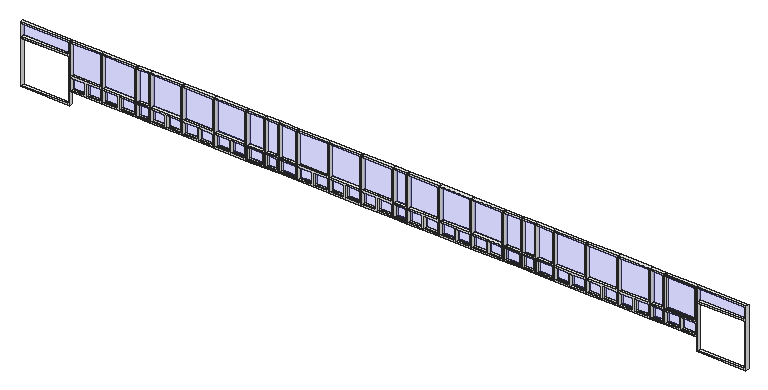
Revit family
Parameters
  창 두께 = 150 mm
  창 패널 = AW26 창 패널
  창 프레임 = AW26 창 프레임
  길이 4 = 길이 1 * 3  # 4500 mm
  길이 3 = 650 mm
  길이 2 = Height + 기본 씰 높이  # 2700 mm
  길이 1 = (Width - 15300 mm) / 13  # 1500 mm
  Height = 2100 mm
  절반 창 두께 = 창 두께 / 2  # 75 mm
  기본 씰 높이 = 600 mm
  Wall Closure = (empty or 0)
  Width = 34800 mm
Reference planes
  plane 1: y = 0
  plane 2 "왼쪽": x = -15788.75
  plane 3 "오른쪽": x = 18091.25
  plane 4 "씰": z = 600
  plane 5 "헤드": z = 2700
  plane 6 "외부": y = 100
  plane 7 "내부": y = -100
  plane 8: y = -75
  plane 9: y = 75
  plane 10: y = 66
  plane 11: y = 44
  plane 12: y = 35
  plane 13: x = 1550
  plane 14: z = 1200
  plane 15: z = 645
  plane 16: z = 1245
  plane 17: z = 1190
  plane 18: z = 655
  plane 19: z = 2655
  plane 20: z = 2100
  plane 21: z = 2055
Text (mm)
  text "외부" at (-1963.203, 1332.353, 0), in view "참조 레벨"
  text "내부" at (-1981.466, -818.386, 0), in view "참조 레벨"
  text "외부" at (0, 923.751, 2943.296), in view "오른쪽"
  text "외부" at (0, 1040.484, 2685.409), in view "왼쪽"
Dimensions and locks
  "Height": plane 4 "씰" to plane 5 "헤드"
  "기본 씰 높이": plane 4 "씰" to level
  locked: plane 6 "외부" to host wall at 0
  locked: plane 7 "내부" to host wall
  plane 9 to plane 10 to plane 11 to plane 12 = 9 mm locked, 22 mm locked, 9 mm locked
  locked: plane 4 "씰" to plane 14 at 600
  plane 4 "씰" to plane 15 to plane 18 = 45 mm locked, 10 mm locked
  plane 17 to plane 14 to plane 16 = 10 mm locked, 45 mm locked
  locked: plane 19 to plane 5 "헤드" at 45
  plane 21 to plane 20 to plane 5 "헤드" = 45 mm locked, 600 mm locked
  "절반 창 두께": plane 9 to host wall
  "절반 창 두께": host wall to plane 8
  "길이 4": nested 4 to nested 7
  locked: nested 6 to nested 15 at 2350
  "길이 4": nested 12 to nested 3
  locked: nested 20 to nested 12 at 2350
  locked: nested 23 to nested 22 at 2250
  plane 2 "왼쪽" to plane 13 to plane 3 "오른쪽" = 17338.75 mm, 16541.25 mm
  aligned and locked: plane 4 "씰" to nested 1  (x2)
  aligned and locked: plane 4 "씰" to nested 2  (x2)
  aligned and locked: nested 1 to nested 3
  aligned and locked: plane 4 "씰" to nested 3  (x2)
  aligned and locked: nested 1 to nested 4
  aligned and locked: nested 4 to nested 5
  aligned and locked: nested 5 to nested 6
  aligned and locked: nested 7 to nested 8
  aligned and locked: nested 8 to nested 9
  aligned and locked: nested 3 to nested 10
  aligned and locked: nested 10 to nested 11
  aligned and locked: nested 12 to nested 13
  aligned and locked: nested 13 to nested 14
  aligned and locked: nested 15 to nested 16
  aligned and locked: nested 16 to nested 17
  aligned and locked: nested 17 to nested 18
  aligned and locked: nested 19 to plane 4 "씰"  (x2)
  aligned and locked: nested 19 to nested 18
  aligned and locked: nested 20 to nested 21
  aligned and locked: nested 21 to nested 22
  aligned and locked: nested 2 to nested 22
  aligned and locked: nested 24 to nested 23
  aligned and locked: plane 4 "씰" to nested 18
  aligned and locked: plane 4 "씰" to nested 17
  aligned and locked: plane 4 "씰" to nested 16
  aligned and locked: plane 4 "씰" to nested 15  (x2)
  aligned and locked: plane 4 "씰" to nested 9
  aligned and locked: plane 4 "씰" to nested 8
  aligned and locked: plane 4 "씰" to nested 7
  aligned and locked: plane 4 "씰" to nested 6
  aligned and locked: plane 4 "씰" to nested 5
  aligned and locked: plane 4 "씰" to nested 4
  aligned and locked: plane 4 "씰" to nested 10
  aligned and locked: plane 4 "씰" to nested 11
  aligned and locked: plane 4 "씰" to nested 12
  aligned and locked: plane 4 "씰" to nested 13
  aligned and locked: plane 4 "씰" to nested 14
  aligned and locked: plane 4 "씰" to nested 20
  aligned and locked: plane 4 "씰" to nested 21
  aligned and locked: plane 4 "씰" to nested 22
  aligned and locked: plane 4 "씰" to nested 23
  aligned and locked: nested 25 to nested 2
  aligned and locked: plane 4 "씰" to nested 25
  aligned and locked: nested 26 to nested 19
  aligned: plane 2 "왼쪽" to nested 24
Nested families
  nested 1: "창 고정 단위" at (1938.75, 0, 0), type "AW9_1_1"
  nested 2: "창 고정 단위" at (-10061.25, 0, 0), type "AW9_1"
  nested 3: "AW9 2" at (863.75, 0, 0), type "AW9"
  nested 4: "AW9 2" at (3013.75, 0, 0), type "AW9"
  nested 5: "AW9 2" at (4513.75, 0, 0), type "AW9"
  nested 6: "AW9 2" at (6013.75, 0, 0), type "AW9"
  nested 7: "창 고정 단위" at (7188.75, 0, 0), type "AW9_2"
  nested 8: "창 고정 단위" at (7938.75, 0, 0), type "AW9_1"
  nested 9: "창 고정 단위" at (8688.75, 0, 0), type "AW9_2"
  nested 10: "AW9 2" at (-636.25, 0, 0), type "AW9"
  nested 11: "AW9 2" at (-2136.25, 0, 0), type "AW9"
  nested 12: "창 고정 단위" at (-3311.25, 0, 0), type "AW9_2"
  nested 13: "창 고정 단위" at (-4061.25, 0, 0), type "AW9_1"
  nested 14: "창 고정 단위" at (-4811.25, 0, 0), type "AW9_2"
  nested 15: "AW9 2" at (9863.75, 0, 0), type "AW9"
  nested 16: "AW9 2" at (11363.75, 0, 0), type "AW9"
  nested 17: "AW9 2" at (12863.75, 0, 0), type "AW9"
  nested 18: "창 고정 단위" at (13938.75, 0, 0), type "AW9_1"
  nested 19: "창 개구부 단위" at (15026.25, 0, 0), type "AW9"
  nested 20: "AW9 2" at (-5986.25, 0, 0), type "AW9"
  nested 21: "AW9 2" at (-7486.25, 0, 0), type "AW9"
  nested 22: "AW9 2" at (-8986.25, 0, 0), type "AW9"
  nested 23: "AW9 2" at (-12736.25, 0, 0), type "AW9"
  nested 24: "문 프레임" at (-14637.5, 0, 0), type "AW9-1"
  nested 25: "창 고정 단위 크게" at (-11186.25, 0, 0), type "AW9 2"
  nested 26: "문 프레임" at (16940, 0, 0), type "AW9-1"
Definition of nested family "창 고정 단위"
  Parameters (values of type "AW9_1_1")
    창 두께 = 150 mm
    창 패널 = AW26 창 패널
    창 프레임 = AW26 창 프레임
    Height = 2100 mm
    절반 창 두께 = 창 두께 / 2  # 75 mm
    기본 씰 높이 = 600 mm
    Wall Closure = (empty or 0)
    Width = 650 mm
    Assembly Code = ""
  Types (4, lengths in mm): name | Width
    AW9_1_1 | 650
    AW9_3 | 800
    AW9_2 | 850
    AW9_1 | 650
  Reference planes
    plane 1: y = 0
    plane 2 "중심(왼쪽/오른쪽)": x = 0
    plane 3 "왼쪽": x = -325
    plane 4 "오른쪽": x = 325
    plane 5 "씰": z = 600
    plane 6 "헤드": z = 2700
    plane 7 "외부": y = 100
    plane 8 "내부": y = -100
    plane 9: y = 75
    plane 10: y = -75
    plane 11: y = 35
    plane 12: x = -280
    plane 13: x = 280
    plane 14: x = -270
    plane 15: x = 270
    plane 16: z = 1200
    plane 17: z = 1190
    plane 18: z = 1245
    plane 19: y = 55
    plane 20: y = 66
    plane 21: y = 44
    plane 22: y = -11
    plane 23: y = 11
    plane 24: x = -22.5
    plane 25: x = 22.5
    plane 26: x = -32.5
    plane 27: x = 32.5
    plane 28: z = 2655
    plane 29: z = 645
    plane 30: x = 230
    plane 31: z = 1150
    plane 32: x = -230
    plane 33: z = 685
    plane 34: x = 72.5
    plane 35: x = -72.5
    plane 36: x = 156.25
    plane 37: x = -156.25
    plane 38: z = 655
  Forms (mm)
    Extrusion 1, solid, material "AW26 창 프레임" <- "창 프레임"
      sketch origin (-2000, 75, 1000) x (-1, 0, 0) y (0, 0, 1)
        loop
          line (-2325, 1700) -> (-2325, -400) -> (-1675, -400) -> (-1675, 1700) -> (-2325, 1700)
        loop
          line (-2280, 1655) -> (-2280, 245) -> (-1720, 245) -> (-1720, 1655) -> (-2280, 1655)
        loop
          line (-2280, -355) -> (-1720, -355) -> (-1720, 200) -> (-2280, 200) -> (-2280, -355)
      from -150 to 0
    Extrusion 2, solid, material "AW26 창 패널" <- "창 패널"
      sketch origin (-2000, 75, 1000) x (-1, 0, 0) y (0, 0, 1)
        loop
          line (-2280, 1655) -> (-2280, 245) -> (-1720, 245) -> (-1720, 1655) -> (-2280, 1655)
        loop
          line (-2280, 200) -> (-2280, -355) -> (-1720, -355) -> (-1720, 200) -> (-2280, 200)
      from -31 to -9
    Extrusion 3, solid, material "AW26 창 프레임" <- "창 프레임"
      sketch origin (-2000, 75, 1000) x (-1, 0, 0) y (0, 0, 1)
        loop
          line (-2230, 150) -> (-2230, -315) -> (-1770, -315) -> (-1770, 150) -> (-2230, 150)
        loop
          line (-2280, 200) -> (-2280, -355) -> (-1720, -355) -> (-1720, 200) -> (-2280, 200)
      from -64 to 0
    Extrusion 4, solid, material "AW26 창 프레임" <- "창 프레임"
      sketch origin (-2000, 75, 1000) x (-1, 0, 0) y (0, 0, 1)
        loop
          line (-2280, 200) -> (-2280, -355) -> (-1720, -355) -> (-1720, 200) -> (-2280, 200)
        loop
          line (-2270, 190) -> (-2270, -345) -> (-1730, -345) -> (-1730, 190) -> (-2270, 190)
      from -64 to -150
  Lines and regions (mm)
    Opening 1
      outline origin (3500, -100, 0) x (1, 0, 0) y (0, 0, 1)
        loop
          line (-3175, 600) -> (-3175, 2700) -> (-3825, 2700) -> (-3825, 600) -> (-3175, 600)
    symbolic lines, style "입면도 스윙"
      curve 1: line (0, 75, 1200) -> (280, 75, 645)
      curve 2: line (0, 75, 1200) -> (-280, 75, 645)
    symbolic lines
      curve 3: line (-325, 75, 0) -> (325, 75, 0)
      curve 4: line (-280, 0, 0) -> (280, 0, 0)
      curve 5: line (-325, -75, 0) -> (325, -75, 0)
      curve 6: line (-280, 75, 0) -> (-280, -75, 0)
      curve 7: line (280, 75, 0) -> (280, -75, 0)
  Text (mm)
    text "외부" at (-1963.203, 1332.353, 0), in view "참조 레벨"
    text "내부" at (-1981.466, -818.386, 0), in view "참조 레벨"
    text "외부" at (0, 923.751, 2943.296), in view "오른쪽"
    text "외부" at (0, 1040.484, 2685.409), in view "왼쪽"
  Dimensions and locks
    equal spacing: plane 3 "왼쪽", plane 2 "중심(왼쪽/오른쪽)", plane 4 "오른쪽"
    "Width": plane 3 "왼쪽" to plane 4 "오른쪽"
    "Height": plane 5 "씰" to plane 6 "헤드"
    locked: plane 7 "외부" to host wall at 0
    locked: plane 8 "내부" to host wall
    plane 17 to plane 16 to plane 18 = 10 mm locked, 45 mm locked
    plane 9 to plane 19 to plane 11 = 20 mm locked, 20 mm locked
    plane 20 to plane 19 to plane 21 = 11 mm locked, 11 mm locked
    plane 23 to host wall to plane 22 = 11 mm locked, 11 mm locked
    plane 3 "왼쪽" to plane 12 to plane 14 = 45 mm locked, 10 mm locked
    plane 15 to plane 13 to plane 4 "오른쪽" = 10 mm locked, 45 mm locked
    plane 24 to plane 2 "중심(왼쪽/오른쪽)" to plane 25 = 22.5 mm locked, 22.5 mm locked
    locked: plane 26 to plane 24 at 10
    locked: plane 25 to plane 27 at 10
    locked: plane 5 "씰" to plane 16 at 600
    "절반 창 두께": plane 9 to plane 1
    "절반 창 두께": plane 10 to plane 1
    "기본 씰 높이": level to plane 5 "씰"
    locked: plane 28 to plane 6 "헤드" at 45
    locked: plane 5 "씰" to plane 29 at 45
    locked: plane 30 to plane 15 at 40
    locked: plane 31 to plane 17 at 40
    locked: plane 14 to plane 32 at 40
    locked: plane 29 to plane 33 at 40
    locked: plane 34 to plane 27 at 40
    locked: plane 26 to plane 35 at 40
    equal spacing: plane 27, plane 36, plane 13
    equal spacing: plane 26, plane 37, plane 12
    locked: plane 29 to plane 38 at 10
    aligned and locked: plane 6 "헤드" to Extrusion 1 sketch curve
    aligned and locked: plane 4 "오른쪽" to Extrusion 1 sketch curve
    aligned and locked: Extrusion 1 sketch curve to plane 5 "씰"
    aligned and locked: Extrusion 1 sketch curve to plane 3 "왼쪽"
    aligned and locked: Extrusion 1 sketch curve to plane 28
    aligned and locked: Extrusion 1 sketch curve to plane 12
    aligned and locked: plane 13 to Extrusion 1 sketch curve  (x3)
    aligned and locked: plane 18 to Extrusion 1 sketch curve
    aligned and locked: Extrusion 1 to plane 10
    aligned and locked: plane 9 to Extrusion 1
    aligned and locked: plane 12 to Extrusion 1 sketch curve  (x2)
    aligned and locked: Extrusion 1 sketch curve to plane 29
    aligned and locked: plane 13 to Extrusion 2 sketch curve  (x2)
    aligned and locked: Extrusion 2 sketch curve to plane 28
    aligned and locked: Extrusion 2 sketch curve to plane 12  (x2)
    aligned and locked: Extrusion 2 sketch curve to plane 18
    aligned and locked: plane 29 to Extrusion 2 sketch curve
    aligned and locked: Extrusion 2 to plane 21
    aligned and locked: plane 20 to Extrusion 2
    aligned and locked: plane 33 to Extrusion 3 sketch curve
    aligned and locked: Extrusion 3 sketch curve to plane 32
    aligned and locked: Extrusion 3 sketch curve to plane 31
    aligned and locked: Extrusion 3 sketch curve to plane 30
    aligned and locked: plane 16 to Extrusion 3 sketch curve
    aligned and locked: plane 13 to Extrusion 3 sketch curve
    aligned and locked: plane 29 to Extrusion 3 sketch curve
    aligned and locked: Extrusion 3 sketch curve to plane 12
    aligned and locked: plane 16 to Extrusion 1 sketch curve
    aligned and locked: plane 16 to Extrusion 2 sketch curve
    aligned and locked: Extrusion 3 to plane 23
    aligned and locked: plane 9 to Extrusion 3
    aligned and locked: plane 16 to Extrusion 4 sketch curve
    aligned and locked: plane 13 to Extrusion 4 sketch curve
    aligned and locked: plane 29 to Extrusion 4 sketch curve
    aligned and locked: Extrusion 4 sketch curve to plane 12
    aligned and locked: Extrusion 4 sketch curve to plane 14
    aligned and locked: plane 17 to Extrusion 4 sketch curve
    aligned and locked: plane 15 to Extrusion 4 sketch curve
    aligned and locked: plane 38 to Extrusion 4 sketch curve
    aligned and locked: Extrusion 4 to plane 23
    aligned and locked: Extrusion 4 to plane 10
    aligned and locked: plane 2 "중심(왼쪽/오른쪽)" to curve 1
    aligned and locked: plane 29 to curve 1
    aligned and locked: plane 13 to curve 1
    aligned and locked: plane 16 to curve 2
    aligned and locked: plane 29 to curve 2
    aligned and locked: plane 12 to curve 2
    aligned and locked: plane 9 to curve 6
    aligned and locked: plane 10 to curve 6
    aligned and locked: plane 12 to curve 6
    aligned and locked: plane 13 to curve 7
    aligned and locked: plane 4 "오른쪽" to curve 3
    aligned and locked: plane 3 "왼쪽" to curve 3
    aligned and locked: plane 3 "왼쪽" to curve 5
    aligned and locked: plane 12 to curve 4
    aligned and locked: plane 4 "오른쪽" to curve 5
    aligned and locked: plane 13 to curve 4
    aligned and locked: curve 3 to plane 9
    aligned and locked: curve 5 to plane 10
    aligned and locked: host wall to curve 4
  Automatic sketch dimensions
    Opening 1 sketch curve to plane 3 "왼쪽" = 0 mm
    Opening 1 sketch curve to plane 4 "오른쪽" = 0 mm
    Opening 1 sketch curve to plane 5 "씰" = 0 mm
    Opening 1 sketch curve to plane 6 "헤드" = 0 mm
Definition of nested family "AW9 2"
  Parameters (values of type "AW9")
    창 두께 = 150 mm
    창 패널 = AW26 창 패널
    창 프레임 = AW26 창 프레임
    Height = 2100 mm
    절반 창 두께 = 창 두께 / 2  # 75 mm
    기본 씰 높이 = 600 mm
    Wall Closure = (empty or 0)
    Width = 1500 mm
    Assembly Code = ""
  Types (3, lengths in mm): name | Width
    AW9 | 1500
    AW9 2 | 1600
    AW9 1 | 4500
  Reference planes
    plane 1: y = 0
    plane 2 "중심(왼쪽/오른쪽)": x = 0
    plane 3 "왼쪽": x = -750
    plane 4 "오른쪽": x = 750
    plane 5 "씰": z = 600
    plane 6 "헤드": z = 2700
    plane 7 "외부": y = 100
    plane 8 "내부": y = -100
    plane 9: y = 75
    plane 10: y = -75
    plane 11: y = 35
    plane 12: x = -705
    plane 13: x = 705
    plane 14: x = -695
    plane 15: x = 695
    plane 16: z = 1200
    plane 17: z = 1190
    plane 18: z = 1245
    plane 19: y = 55
    plane 20: y = 66
    plane 21: y = 44
    plane 22: y = -11
    plane 23: y = 11
    plane 24: x = -22.5
    plane 25: x = 22.5
    plane 26: x = -32.5
    plane 27: x = 32.5
    plane 28: z = 2655
    plane 29: z = 645
    plane 30: x = 655
    plane 31: z = 1150
    plane 32: x = -655
    plane 33: z = 685
    plane 34: x = 72.5
    plane 35: x = -72.5
    plane 36: x = 368.75
    plane 37: x = -368.75
  Forms (mm)
    Extrusion 1, solid, material "AW26 창 프레임" <- "창 프레임"
      sketch origin (-2000, 75, 1000) x (-1, 0, 0) y (0, 0, 1)
        loop
          line (-2750, 1700) -> (-2750, -400) -> (-1250, -400) -> (-1250, 1700) -> (-2750, 1700)
        loop
          line (-2705, 1655) -> (-2705, 245) -> (-1295, 245) -> (-1295, 1655) -> (-2705, 1655)
        loop
          line (-2705, -355) -> (-2032.5, -355) -> (-2032.5, 190) -> (-2705, 190) -> (-2705, -355)
        loop
          line (-1295, -355) -> (-1295, 190) -> (-1967.5, 190) -> (-1967.5, -355) -> (-1295, -355)
      from -150 to 0
    Extrusion 2, solid, material "AW26 창 프레임" <- "창 프레임"
      sketch origin (-2000, 75, 1000) x (-1, 0, 0) y (0, 0, 1)
        loop
          line (-2705, 190) -> (-2705, -355) -> (-2032.5, -355) -> (-2032.5, 190) -> (-2705, 190)
        loop
          line (-1967.5, 190) -> (-1967.5, -355) -> (-1295, -355) -> (-1295, 190) -> (-1967.5, 190)
        loop
          line (-2655, 150) -> (-2655, -315) -> (-2072.5, -315) -> (-2072.5, 150) -> (-2655, 150)
        loop
          line (-1927.5, 150) -> (-1927.5, -315) -> (-1345, -315) -> (-1345, 150) -> (-1927.5, 150)
      from -40 to 0
    Extrusion 3, solid, material "AW26 창 패널" <- "창 패널"
      sketch origin (-2000, 75, 1000) x (-1, 0, 0) y (0, 0, 1)
        loop
          line (-2705, 1655) -> (-2705, 245) -> (-1295, 245) -> (-1295, 1655) -> (-2705, 1655)
        loop
          line (-2655, 150) -> (-2655, -315) -> (-2072.5, -315) -> (-2072.5, 150) -> (-2655, 150)
        loop
          line (-1927.5, 150) -> (-1927.5, -315) -> (-1345, -315) -> (-1345, 150) -> (-1927.5, 150)
      from -31 to -9
  Lines and regions (mm)
    Opening 1
      outline origin (3500, -100, 0) x (1, 0, 0) y (0, 0, 1)
        loop
          line (-2750, 600) -> (-2750, 2700) -> (-4250, 2700) -> (-4250, 600) -> (-2750, 600)
    symbolic lines, style "입면도 스윙"
      curve 1: line (368.75, 75, 1190) -> (705, 75, 645)
      curve 2: line (368.75, 75, 1190) -> (32.5, 75, 645)
      curve 3: line (-32.5, 75, 645) -> (-368.75, 75, 1190)
      curve 4: line (-368.75, 75, 1190) -> (-705, 75, 645)
    symbolic lines
      curve 5: line (-750, 75, 0) -> (750, 75, 0)
      curve 6: line (-705, 0, 0) -> (705, 0, 0)
      curve 7: line (-750, -75, 0) -> (750, -75, 0)
      curve 8: line (-705, 75, 0) -> (-705, -75, 0)
      curve 9: line (705, 75, 0) -> (705, -75, 0)
  Text (mm)
    text "외부" at (-1963.203, 1332.353, 0), in view "참조 레벨"
    text "내부" at (-1981.466, -818.386, 0), in view "참조 레벨"
    text "외부" at (0, 923.751, 2943.296), in view "오른쪽"
    text "외부" at (0, 1040.484, 2685.409), in view "왼쪽"
  Dimensions and locks
    equal spacing: plane 3 "왼쪽", plane 2 "중심(왼쪽/오른쪽)", plane 4 "오른쪽"
    "Width": plane 3 "왼쪽" to plane 4 "오른쪽"
    "Height": plane 5 "씰" to plane 6 "헤드"
    locked: plane 7 "외부" to host wall at 0
    locked: plane 8 "내부" to host wall
    plane 17 to plane 16 to plane 18 = 10 mm locked, 45 mm locked
    plane 9 to plane 19 to plane 11 = 20 mm locked, 20 mm locked
    plane 20 to plane 19 to plane 21 = 11 mm locked, 11 mm locked
    plane 23 to host wall to plane 22 = 11 mm locked, 11 mm locked
    plane 3 "왼쪽" to plane 12 to plane 14 = 45 mm locked, 10 mm locked
    plane 15 to plane 13 to plane 4 "오른쪽" = 10 mm locked, 45 mm locked
    plane 24 to plane 2 "중심(왼쪽/오른쪽)" to plane 25 = 22.5 mm locked, 22.5 mm locked
    locked: plane 26 to plane 24 at 10
    locked: plane 25 to plane 27 at 10
    locked: plane 5 "씰" to plane 16 at 600
    "절반 창 두께": plane 9 to plane 1
    "절반 창 두께": plane 10 to plane 1
    "기본 씰 높이": level to plane 5 "씰"
    locked: plane 28 to plane 6 "헤드" at 45
    locked: plane 5 "씰" to plane 29 at 45
    locked: plane 30 to plane 15 at 40
    locked: plane 31 to plane 17 at 40
    locked: plane 14 to plane 32 at 40
    locked: plane 29 to plane 33 at 40
    locked: plane 34 to plane 27 at 40
    locked: plane 26 to plane 35 at 40
    equal spacing: plane 27, plane 36, plane 13
    equal spacing: plane 26, plane 37, plane 12
    aligned and locked: plane 6 "헤드" to Extrusion 1 sketch curve
    aligned and locked: plane 4 "오른쪽" to Extrusion 1 sketch curve
    aligned and locked: Extrusion 1 sketch curve to plane 5 "씰"
    aligned and locked: Extrusion 1 sketch curve to plane 3 "왼쪽"
    aligned and locked: Extrusion 1 sketch curve to plane 28
    aligned and locked: plane 13 to Extrusion 1 sketch curve  (x2)
    aligned and locked: plane 29 to Extrusion 1 sketch curve  (x2)
    aligned and locked: Extrusion 1 sketch curve to plane 12
    aligned and locked: plane 18 to Extrusion 1 sketch curve
    aligned and locked: plane 12 to Extrusion 1 sketch curve
    aligned and locked: plane 17 to Extrusion 1 sketch curve  (x2)
    aligned and locked: plane 27 to Extrusion 1 sketch curve
    aligned and locked: plane 26 to Extrusion 1 sketch curve
    aligned and locked: Extrusion 1 to plane 10
    aligned and locked: plane 9 to Extrusion 1
    aligned and locked: plane 17 to Extrusion 2 sketch curve  (x2)
    aligned and locked: plane 13 to Extrusion 2 sketch curve
    aligned and locked: plane 29 to Extrusion 2 sketch curve  (x2)
    aligned and locked: plane 27 to Extrusion 2 sketch curve
    aligned and locked: Extrusion 2 sketch curve to plane 31  (x2)
    aligned and locked: Extrusion 2 sketch curve to plane 30
    aligned and locked: plane 33 to Extrusion 2 sketch curve  (x2)
    aligned and locked: Extrusion 2 sketch curve to plane 34
    aligned and locked: Extrusion 2 sketch curve to plane 26
    aligned and locked: Extrusion 2 sketch curve to plane 12
    aligned and locked: Extrusion 2 sketch curve to plane 35
    aligned and locked: Extrusion 2 sketch curve to plane 32
    aligned and locked: Extrusion 2 to plane 9
    aligned and locked: Extrusion 2 to plane 11
    aligned and locked: Extrusion 3 sketch curve to plane 28
    aligned and locked: plane 13 to Extrusion 3 sketch curve
    aligned and locked: Extrusion 3 sketch curve to plane 18
    aligned and locked: Extrusion 3 sketch curve to plane 12
    aligned and locked: Extrusion 3 sketch curve to plane 31  (x2)
    aligned and locked: Extrusion 3 sketch curve to plane 30
    aligned and locked: plane 33 to Extrusion 3 sketch curve  (x2)
    aligned and locked: Extrusion 3 sketch curve to plane 34
    aligned and locked: Extrusion 3 sketch curve to plane 35
    aligned and locked: Extrusion 3 sketch curve to plane 32
    aligned and locked: Extrusion 3 to plane 21
    aligned and locked: plane 20 to Extrusion 3
    aligned and locked: plane 36 to curve 1
    aligned and locked: plane 29 to curve 1
    aligned and locked: plane 13 to curve 1
    aligned and locked: plane 17 to curve 2
    aligned and locked: plane 27 to curve 2
    aligned and locked: plane 29 to curve 2
    aligned and locked: plane 17 to curve 3
    aligned and locked: plane 37 to curve 3
    aligned and locked: plane 29 to curve 3
    aligned and locked: plane 26 to curve 3
    aligned and locked: plane 29 to curve 4
    aligned and locked: plane 12 to curve 4
    aligned and locked: plane 3 "왼쪽" to curve 5
    aligned and locked: plane 3 "왼쪽" to curve 7
    aligned and locked: plane 12 to curve 6
    aligned and locked: plane 4 "오른쪽" to curve 5
    aligned and locked: plane 4 "오른쪽" to curve 7
    aligned and locked: plane 13 to curve 6
    aligned and locked: plane 13 to curve 9
    aligned and locked: plane 9 to curve 8
    aligned and locked: plane 10 to curve 8
    aligned and locked: plane 12 to curve 8
    aligned and locked: curve 5 to plane 9
    aligned and locked: curve 7 to plane 10
    aligned and locked: host wall to curve 6
  Automatic sketch dimensions
    Opening 1 sketch curve to plane 3 "왼쪽" = 0 mm
    Opening 1 sketch curve to plane 4 "오른쪽" = 0 mm
    Opening 1 sketch curve to plane 5 "씰" = 0 mm
    Opening 1 sketch curve to plane 6 "헤드" = 0 mm
    Extrusion 1 sketch curve to plane 17 = 0 mm
    Extrusion 1 sketch curve to plane 29 = 0 mm
Definition of nested family "창 개구부 단위"
  Parameters (values of type "AW9")
    창 두께 = 150 mm
    창 패널 = AW26 창 패널
    창 프레임 = AW26 창 프레임
    Height = 2100 mm
    절반 창 두께 = 창 두께 / 2  # 75 mm
    기본 씰 높이 = 600 mm
    Wall Closure = (empty or 0)
    Width = 1525 mm
    Assembly Code = ""
  Reference planes
    plane 1: y = 0
    plane 2 "중심(왼쪽/오른쪽)": x = 0
    plane 3 "왼쪽": x = -762.5
    plane 4 "오른쪽": x = 762.5
    plane 5 "씰": z = 600
    plane 6 "헤드": z = 2700
    plane 7 "외부": y = 100
    plane 8 "내부": y = -100
    plane 9: y = 75
    plane 10: y = -75
    plane 11: y = 35
    plane 12: x = -717.5
    plane 13: x = 717.5
    plane 14: x = -707.5
    plane 15: x = 707.5
    plane 16: z = 1200
    plane 17: z = 1190
    plane 18: z = 1245
    plane 19: y = 55
    plane 20: y = 66
    plane 21: y = 44
    plane 22: y = -11
    plane 23: y = 11
    plane 24: x = -22.5
    plane 25: x = 22.5
    plane 26: x = -32.5
    plane 27: x = 32.5
    plane 28: z = 2655
    plane 29: z = 645
    plane 30: x = 667.5
    plane 31: z = 1150
    plane 32: x = -667.5
    plane 33: z = 685
    plane 34: x = 72.5
    plane 35: x = -72.5
    plane 36: x = 375
    plane 37: x = -375
    plane 38: z = 2615
    plane 39: z = 1285
    plane 40: x = -677.5
    plane 41: x = 677.5
    plane 42: z = 2645
    plane 43: z = 1255
    plane 44: z = 1950
  Forms (mm)
    Extrusion 1, solid, material "AW26 창 프레임" <- "창 프레임"
      sketch origin (-2000, 75, 1000) x (-1, 0, 0) y (0, 0, 1)
        loop
          line (-2762.5, 1700) -> (-2762.5, -400) -> (-1237.5, -400) -> (-1237.5, 1700) -> (-2762.5, 1700)
        loop
          line (-2717.5, 1655) -> (-2717.5, 245) -> (-1282.5, 245) -> (-1282.5, 1655) -> (-2717.5, 1655)
        loop
          line (-2717.5, -355) -> (-2032.5, -355) -> (-2032.5, 190) -> (-2717.5, 190) -> (-2717.5, -355)
        loop
          line (-1282.5, -355) -> (-1282.5, 190) -> (-1967.5, 190) -> (-1967.5, -355) -> (-1282.5, -355)
      from -150 to 0
    Extrusion 2, solid, material "AW26 창 프레임" <- "창 프레임"
      sketch origin (-2000, 75, 1000) x (-1, 0, 0) y (0, 0, 1)
        loop
          line (-2717.5, 190) -> (-2717.5, -355) -> (-2032.5, -355) -> (-2032.5, 190) -> (-2717.5, 190)
        loop
          line (-1967.5, 190) -> (-1967.5, -355) -> (-1282.5, -355) -> (-1282.5, 190) -> (-1967.5, 190)
        loop
          line (-2667.5, 150) -> (-2667.5, -315) -> (-2072.5, -315) -> (-2072.5, 150) -> (-2667.5, 150)
        loop
          line (-1927.5, 150) -> (-1927.5, -315) -> (-1332.5, -315) -> (-1332.5, 150) -> (-1927.5, 150)
      from -40 to 0
    Extrusion 3, solid, material "AW26 창 패널" <- "창 패널"
      sketch origin (-2000, 75, 1000) x (-1, 0, 0) y (0, 0, 1)
        loop
          line (-2717.5, 1655) -> (-2717.5, 245) -> (-1282.5, 245) -> (-1282.5, 1655) -> (-2717.5, 1655)
        loop
          line (-2667.5, 150) -> (-2667.5, -315) -> (-2072.5, -315) -> (-2072.5, 150) -> (-2667.5, 150)
        loop
          line (-1927.5, 150) -> (-1927.5, -315) -> (-1332.5, -315) -> (-1332.5, 150) -> (-1927.5, 150)
      from -31 to -9
    Extrusion 4, solid, material "AW26 창 프레임" <- "창 프레임"
      sketch origin (-2000, 75, 1000) x (-1, 0, 0) y (0, 0, 1)
        loop
          line (-2717.5, 1655) -> (-2717.5, 245) -> (-1282.5, 245) -> (-1282.5, 1655) -> (-2717.5, 1655)
        loop
          line (-2677.5, 1615) -> (-2677.5, 285) -> (-1322.5, 285) -> (-1322.5, 1615) -> (-2677.5, 1615)
      from -64 to -9
    Extrusion 5, solid, material "AW26 창 프레임" <- "창 프레임"
      sketch origin (-2000, 75, 1000) x (-1, 0, 0) y (0, 0, 1)
        loop
          line (-2717.5, 1655) -> (-2717.5, 245) -> (-1282.5, 245) -> (-1282.5, 1655) -> (-2717.5, 1655)
        loop
          line (-2707.5, 1645) -> (-2707.5, 255) -> (-1292.5, 255) -> (-1292.5, 1645) -> (-2707.5, 1645)
      from -40 to -150
  Lines and regions (mm)
    Opening 1
      outline origin (3500, -100, 0) x (1, 0, 0) y (0, 0, 1)
        loop
          line (-2737.5, 600) -> (-2737.5, 2700) -> (-4262.5, 2700) -> (-4262.5, 600) -> (-2737.5, 600)
    symbolic lines, style "입면도 스윙"
      curve 1: line (375, 75, 1190) -> (717.5, 75, 645)
      curve 2: line (375, 75, 1190) -> (32.5, 75, 645)
      curve 3: line (-32.5, 75, 645) -> (-375, 75, 1190)
      curve 4: line (-375, 75, 1190) -> (-717.5, 75, 645)
      curve 5: line (717.5, 75, 2655) -> (-717.5, 75, 1950)
      curve 6: line (-717.5, 75, 1950) -> (717.5, 75, 1245)
    symbolic lines
      curve 7: line (-762.5, 75, 0) -> (762.5, 75, 0)
      curve 8: line (-717.5, 0, 0) -> (717.5, 0, 0)
      curve 9: line (-762.5, -75, 0) -> (762.5, -75, 0)
      curve 10: line (-717.5, 75, 0) -> (-717.5, -75, 0)
      curve 11: line (717.5, 75, 0) -> (717.5, -75, 0)
  Text (mm)
    text "외부" at (-1963.203, 1332.353, 0), in view "참조 레벨"
    text "내부" at (-1981.466, -818.386, 0), in view "참조 레벨"
    text "외부" at (0, 923.751, 2943.296), in view "오른쪽"
    text "외부" at (0, 1040.484, 2685.409), in view "왼쪽"
  Dimensions and locks
    equal spacing: plane 3 "왼쪽", plane 2 "중심(왼쪽/오른쪽)", plane 4 "오른쪽"
    "Width": plane 3 "왼쪽" to plane 4 "오른쪽"
    "Height": plane 5 "씰" to plane 6 "헤드"
    locked: plane 7 "외부" to host wall at 0
    locked: plane 8 "내부" to host wall
    plane 17 to plane 16 to plane 18 = 10 mm locked, 45 mm locked
    plane 9 to plane 19 to plane 11 = 20 mm locked, 20 mm locked
    plane 20 to plane 19 to plane 21 = 11 mm locked, 11 mm locked
    plane 23 to host wall to plane 22 = 11 mm locked, 11 mm locked
    plane 3 "왼쪽" to plane 12 to plane 14 = 45 mm locked, 10 mm locked
    plane 15 to plane 13 to plane 4 "오른쪽" = 10 mm locked, 45 mm locked
    plane 24 to plane 2 "중심(왼쪽/오른쪽)" to plane 25 = 22.5 mm locked, 22.5 mm locked
    locked: plane 26 to plane 24 at 10
    locked: plane 25 to plane 27 at 10
    locked: plane 5 "씰" to plane 16 at 600
    "절반 창 두께": plane 9 to plane 1
    "절반 창 두께": plane 10 to plane 1
    "기본 씰 높이": level to plane 5 "씰"
    locked: plane 28 to plane 6 "헤드" at 45
    locked: plane 5 "씰" to plane 29 at 45
    locked: plane 30 to plane 15 at 40
    locked: plane 31 to plane 17 at 40
    locked: plane 14 to plane 32 at 40
    locked: plane 29 to plane 33 at 40
    locked: plane 34 to plane 27 at 40
    locked: plane 26 to plane 35 at 40
    equal spacing: plane 27, plane 36, plane 13
    equal spacing: plane 26, plane 37, plane 12
    locked: plane 38 to plane 28 at 40
    locked: plane 18 to plane 39 at 40
    locked: plane 41 to plane 13 at 40
    locked: plane 12 to plane 40 at 40
    locked: plane 42 to plane 28 at 10
    locked: plane 18 to plane 43 at 10
    equal spacing: plane 18, plane 44, plane 28
    aligned and locked: plane 6 "헤드" to Extrusion 1 sketch curve
    aligned and locked: plane 4 "오른쪽" to Extrusion 1 sketch curve
    aligned and locked: Extrusion 1 sketch curve to plane 5 "씰"
    aligned and locked: Extrusion 1 sketch curve to plane 3 "왼쪽"
    aligned and locked: Extrusion 1 sketch curve to plane 28
    aligned and locked: plane 13 to Extrusion 1 sketch curve  (x2)
    aligned and locked: plane 29 to Extrusion 1 sketch curve  (x2)
    aligned and locked: Extrusion 1 sketch curve to plane 12
    aligned and locked: plane 18 to Extrusion 1 sketch curve
    aligned and locked: plane 12 to Extrusion 1 sketch curve
    aligned and locked: plane 17 to Extrusion 1 sketch curve  (x2)
    aligned and locked: plane 27 to Extrusion 1 sketch curve
    aligned and locked: plane 26 to Extrusion 1 sketch curve
    aligned and locked: Extrusion 1 to plane 10
    aligned and locked: plane 9 to Extrusion 1
    aligned and locked: plane 17 to Extrusion 2 sketch curve  (x2)
    aligned and locked: plane 13 to Extrusion 2 sketch curve
    aligned and locked: plane 29 to Extrusion 2 sketch curve  (x2)
    aligned and locked: plane 27 to Extrusion 2 sketch curve
    aligned and locked: Extrusion 2 sketch curve to plane 31  (x2)
    aligned and locked: Extrusion 2 sketch curve to plane 30
    aligned and locked: plane 33 to Extrusion 2 sketch curve  (x2)
    aligned and locked: Extrusion 2 sketch curve to plane 34
    aligned and locked: Extrusion 2 sketch curve to plane 26
    aligned and locked: Extrusion 2 sketch curve to plane 12
    aligned and locked: Extrusion 2 sketch curve to plane 35
    aligned and locked: Extrusion 2 sketch curve to plane 32
    aligned and locked: Extrusion 2 to plane 9
    aligned and locked: Extrusion 2 to plane 11
    aligned and locked: Extrusion 3 sketch curve to plane 28
    aligned and locked: plane 13 to Extrusion 3 sketch curve
    aligned and locked: Extrusion 3 sketch curve to plane 18
    aligned and locked: Extrusion 3 sketch curve to plane 12
    aligned and locked: Extrusion 3 sketch curve to plane 31  (x2)
    aligned and locked: Extrusion 3 sketch curve to plane 30
    aligned and locked: plane 33 to Extrusion 3 sketch curve  (x2)
    aligned and locked: Extrusion 3 sketch curve to plane 34
    aligned and locked: Extrusion 3 sketch curve to plane 35
    aligned and locked: Extrusion 3 sketch curve to plane 32
    aligned and locked: Extrusion 3 to plane 21
    aligned and locked: plane 20 to Extrusion 3
    aligned and locked: plane 36 to curve 1
    aligned and locked: plane 29 to curve 1
    aligned and locked: plane 13 to curve 1
    aligned and locked: plane 17 to curve 2
    aligned and locked: plane 27 to curve 2
    aligned and locked: plane 29 to curve 2
    aligned and locked: plane 17 to curve 3
    aligned and locked: plane 37 to curve 3
    aligned and locked: plane 29 to curve 3
    aligned and locked: plane 26 to curve 3
    aligned and locked: plane 29 to curve 4
    aligned and locked: plane 12 to curve 4
    aligned and locked: Extrusion 4 sketch curve to plane 28
    aligned and locked: plane 13 to Extrusion 4 sketch curve
    aligned and locked: Extrusion 4 sketch curve to plane 18
    aligned and locked: Extrusion 4 sketch curve to plane 12
    aligned and locked: Extrusion 4 sketch curve to plane 38
    aligned and locked: Extrusion 4 sketch curve to plane 41
    aligned and locked: plane 39 to Extrusion 4 sketch curve
    aligned and locked: Extrusion 4 sketch curve to plane 40
    aligned and locked: Extrusion 4 to plane 23
    aligned and locked: plane 20 to Extrusion 4
    aligned and locked: Extrusion 5 sketch curve to plane 28
    aligned and locked: plane 13 to Extrusion 5 sketch curve
    aligned and locked: Extrusion 5 sketch curve to plane 18
    aligned and locked: Extrusion 5 sketch curve to plane 12
    aligned and locked: Extrusion 5 sketch curve to plane 42
    aligned and locked: plane 15 to Extrusion 5 sketch curve
    aligned and locked: plane 43 to Extrusion 5 sketch curve
    aligned and locked: Extrusion 5 sketch curve to plane 14
    aligned and locked: Extrusion 5 to plane 11
    aligned and locked: Extrusion 5 to plane 10
    aligned and locked: plane 13 to curve 5
    aligned and locked: plane 28 to curve 5
    aligned and locked: plane 18 to curve 6
    aligned and locked: plane 13 to curve 6
    aligned and locked: plane 12 to curve 6
    aligned and locked: plane 44 to curve 6
    aligned and locked: plane 9 to curve 10
    aligned and locked: plane 10 to curve 10
    aligned and locked: plane 12 to curve 10
    aligned and locked: plane 13 to curve 11
    aligned and locked: plane 4 "오른쪽" to curve 7
    aligned and locked: plane 4 "오른쪽" to curve 9
    aligned and locked: plane 13 to curve 8
    aligned and locked: plane 3 "왼쪽" to curve 7
    aligned and locked: plane 3 "왼쪽" to curve 9
    aligned and locked: plane 12 to curve 8
    aligned and locked: curve 7 to plane 9
    aligned and locked: curve 9 to plane 10
    aligned and locked: host wall to curve 8
  Automatic sketch dimensions
    Opening 1 sketch curve to plane 3 "왼쪽" = 0 mm
    Opening 1 sketch curve to plane 4 "오른쪽" = 0 mm
    Opening 1 sketch curve to plane 5 "씰" = 0 mm
    Opening 1 sketch curve to plane 6 "헤드" = 0 mm
    Extrusion 1 sketch curve to plane 17 = 0 mm
    Extrusion 1 sketch curve to plane 29 = 0 mm
Definition of nested family "문 프레임"
  Parameters (values of type "AW9-1")
    창 두께 = 150 mm
    창 패널 = AW26 창 패널
    창 프레임 = AW26 창 프레임
    Height = 2700 mm
    절반 창 두께 = 창 두께 / 2  # 75 mm
    기본 씰 높이 = 0 mm
    Wall Closure = (empty or 0)
    Width = 2302.5 mm
    Assembly Code = ""
  Types (2, lengths in mm): name | Width
    AW9-1 | 2302.5
    AW9-1 2 | 3222.5
  Reference planes
    plane 1: y = 0
    plane 2 "중심(왼쪽/오른쪽)": x = 0
    plane 3 "왼쪽": x = -1151.25
    plane 4 "오른쪽": x = 1151.25
    plane 5 "씰": z = 0
    plane 6 "헤드": z = 2700
    plane 7 "외부": y = 100
    plane 8 "내부": y = -100
    plane 9: y = 75
    plane 10: y = -75
    plane 11: y = 35
    plane 12: x = -1106.25
    plane 13: x = 1106.25
    plane 14: x = -1096.25
    plane 15: x = 1096.25
    plane 16: z = 2055
    plane 17: z = 2045
    plane 18: z = 2100
    plane 19: y = 55
    plane 20: y = 66
    plane 21: y = 44
    plane 22: y = -11
    plane 23: y = 11
    plane 24: x = -22.5
    plane 25: x = 22.5
    plane 26: x = -32.5
    plane 27: x = 32.5
    plane 28: z = 2655
    plane 29: z = 45
    plane 30: x = 1056.25
    plane 31: z = 2005
    plane 32: x = -1056.25
    plane 33: z = 85
    plane 34: x = 72.5
    plane 35: x = -72.5
  Forms (mm)
    Extrusion 1, solid, material "AW26 창 프레임" <- "창 프레임"
      sketch origin (-2000, 75, 1000) x (-1, 0, 0) y (0, 0, 1)
        loop
          line (-3151.25, 1700) -> (-3151.25, -1000) -> (-848.75, -1000) -> (-848.75, 1700) -> (-3151.25, 1700)
        loop
          line (-3106.25, 1655) -> (-3106.25, 1100) -> (-893.75, 1100) -> (-893.75, 1655) -> (-3106.25, 1655)
        loop
          line (-3106.25, -955) -> (-893.75, -955) -> (-893.75, 1055) -> (-3106.25, 1055) -> (-3106.25, -955)
      from -150 to 0
    Extrusion 2, solid, material "AW26 창 패널" <- "창 패널"
      sketch origin (-2000, 75, 1000) x (-1, 0, 0) y (0, 0, 1)
        loop
          line (-3106.25, 1655) -> (-3106.25, 1100) -> (-893.75, 1100) -> (-893.75, 1655) -> (-3106.25, 1655)
      from -40 to -9
  Lines and regions (mm)
    Opening 1
      outline origin (3500, -100, 0) x (1, 0, 0) y (0, 0, 1)
        loop
          line (-2348.75, 0) -> (-2348.75, 2700) -> (-4651.25, 2700) -> (-4651.25, 0) -> (-2348.75, 0)
    symbolic lines
      curve 1: line (-1151.25, 75, 0) -> (1151.25, 75, 0)
      curve 2: line (-1151.25, -75, 0) -> (1151.25, -75, 0)
      curve 3: line (1151.25, 75, 0) -> (1151.25, -75, 0)
      curve 4: line (-1151.25, 75, 0) -> (-1151.25, -75, 0)
  Text (mm)
    text "외부" at (-1963.203, 1332.353, 0), in view "참조 레벨"
    text "내부" at (-1981.466, -818.386, 0), in view "참조 레벨"
    text "외부" at (0, 923.751, 2943.296), in view "오른쪽"
    text "외부" at (0, 1040.484, 2685.409), in view "왼쪽"
  Dimensions and locks
    equal spacing: plane 3 "왼쪽", plane 2 "중심(왼쪽/오른쪽)", plane 4 "오른쪽"
    "Width": plane 3 "왼쪽" to plane 4 "오른쪽"
    "Height": plane 5 "씰" to plane 6 "헤드"
    locked: plane 7 "외부" to host wall at 0
    locked: plane 8 "내부" to host wall
    plane 17 to plane 16 to plane 18 = 10 mm locked, 45 mm locked
    plane 9 to plane 19 to plane 11 = 20 mm locked, 20 mm locked
    plane 20 to plane 19 to plane 21 = 11 mm locked, 11 mm locked
    plane 23 to host wall to plane 22 = 11 mm locked, 11 mm locked
    plane 3 "왼쪽" to plane 12 to plane 14 = 45 mm locked, 10 mm locked
    plane 15 to plane 13 to plane 4 "오른쪽" = 10 mm locked, 45 mm locked
    plane 24 to plane 2 "중심(왼쪽/오른쪽)" to plane 25 = 22.5 mm locked, 22.5 mm locked
    locked: plane 26 to plane 24 at 10
    locked: plane 25 to plane 27 at 10
    "절반 창 두께": plane 9 to plane 1
    "절반 창 두께": plane 10 to plane 1
    "기본 씰 높이": level to plane 5 "씰"
    locked: plane 28 to plane 6 "헤드" at 45
    locked: plane 5 "씰" to plane 29 at 45
    locked: plane 30 to plane 15 at 40
    locked: plane 31 to plane 17 at 40
    locked: plane 14 to plane 32 at 40
    locked: plane 29 to plane 33 at 40
    locked: plane 34 to plane 27 at 40
    locked: plane 26 to plane 35 at 40
    plane 18 to plane 6 "헤드" = 600 mm
    aligned and locked: plane 6 "헤드" to Extrusion 1 sketch curve
    aligned and locked: plane 4 "오른쪽" to Extrusion 1 sketch curve
    aligned and locked: Extrusion 1 sketch curve to plane 5 "씰"
    aligned and locked: Extrusion 1 sketch curve to plane 3 "왼쪽"
    aligned and locked: Extrusion 1 sketch curve to plane 28
    aligned and locked: plane 13 to Extrusion 1 sketch curve  (x3)
    aligned and locked: Extrusion 1 sketch curve to plane 12
    aligned and locked: plane 18 to Extrusion 1 sketch curve
    aligned and locked: Extrusion 1 to plane 10
    aligned and locked: plane 9 to Extrusion 1
    aligned and locked: plane 12 to Extrusion 1 sketch curve  (x2)
    aligned and locked: Extrusion 1 sketch curve to plane 29
    aligned and locked: plane 16 to Extrusion 1 sketch curve
    aligned and locked: Extrusion 2 sketch curve to plane 28
    aligned and locked: plane 13 to Extrusion 2 sketch curve
    aligned and locked: Extrusion 2 sketch curve to plane 18
    aligned and locked: Extrusion 2 sketch curve to plane 12
    aligned and locked: Extrusion 2 to plane 11
    aligned and locked: plane 20 to Extrusion 2
    aligned and locked: plane 3 "왼쪽" to curve 2
    aligned and locked: plane 4 "오른쪽" to curve 2
    aligned and locked: plane 4 "오른쪽" to curve 3
    aligned and locked: plane 9 to curve 4
    aligned and locked: plane 10 to curve 4
    aligned and locked: plane 3 "왼쪽" to curve 4
  Automatic sketch dimensions
    Opening 1 sketch curve to plane 3 "왼쪽" = 0 mm
    Opening 1 sketch curve to plane 4 "오른쪽" = 0 mm
    Opening 1 sketch curve to plane 5 "씰" = 0 mm
    Opening 1 sketch curve to plane 6 "헤드" = 0 mm
Definition of nested family "창 고정 단위 크게"
  Parameters (values of type "AW9 2")
    창 두께 = 150 mm
    창 패널 = AW26 창 패널
    창 프레임 = AW26 창 프레임
    Height = 2100 mm
    절반 창 두께 = 창 두께 / 2  # 75 mm
    기본 씰 높이 = 600 mm
    Wall Closure = (empty or 0)
    Width = 1600 mm
    Assembly Code = ""
  Reference planes
    plane 1: y = 0
    plane 2 "중심(왼쪽/오른쪽)": x = 0
    plane 3 "왼쪽": x = -800
    plane 4 "오른쪽": x = 800
    plane 5 "씰": z = 600
    plane 6 "헤드": z = 2700
    plane 7 "외부": y = 100
    plane 8 "내부": y = -100
    plane 9: y = 75
    plane 10: y = -75
    plane 11: y = 35
    plane 12: x = -755
    plane 13: x = 755
    plane 14: x = -745
    plane 15: x = 745
    plane 16: z = 1200
    plane 17: z = 1190
    plane 18: z = 1245
    plane 19: y = 55
    plane 20: y = 66
    plane 21: y = 44
    plane 22: y = -11
    plane 23: y = 11
    plane 24: x = -22.5
    plane 25: x = 22.5
    plane 26: x = -32.5
    plane 27: x = 32.5
    plane 28: z = 2655
    plane 29: z = 645
    plane 30: x = 705
    plane 31: z = 1150
    plane 32: x = -705
    plane 33: z = 685
    plane 34: x = 72.5
    plane 35: x = -72.5
    plane 36: x = 393.75
    plane 37: x = -393.75
  Forms (mm)
    Extrusion 1, solid, material "AW26 창 프레임" <- "창 프레임"
      sketch origin (-2000, 75, 1000) x (-1, 0, 0) y (0, 0, 1)
        loop
          line (-2800, 1700) -> (-2800, -400) -> (-1200, -400) -> (-1200, 1700) -> (-2800, 1700)
        loop
          line (-2755, 1655) -> (-2755, 245) -> (-1245, 245) -> (-1245, 1655) -> (-2755, 1655)
        loop
          line (-2755, -355) -> (-2032.5, -355) -> (-2032.5, 190) -> (-2755, 190) -> (-2755, -355)
        loop
          line (-1245, -355) -> (-1245, 190) -> (-1967.5, 190) -> (-1967.5, -355) -> (-1245, -355)
      from -150 to 0
    Extrusion 2, solid, material "AW26 창 프레임" <- "창 프레임"
      sketch origin (-2000, 75, 1000) x (-1, 0, 0) y (0, 0, 1)
        loop
          line (-2755, 190) -> (-2755, -355) -> (-2032.5, -355) -> (-2032.5, 190) -> (-2755, 190)
        loop
          line (-1967.5, 190) -> (-1967.5, -355) -> (-1245, -355) -> (-1245, 190) -> (-1967.5, 190)
        loop
          line (-2705, 150) -> (-2705, -315) -> (-2072.5, -315) -> (-2072.5, 150) -> (-2705, 150)
        loop
          line (-1927.5, 150) -> (-1927.5, -315) -> (-1295, -315) -> (-1295, 150) -> (-1927.5, 150)
      from -40 to 0
    Extrusion 3, solid, material "AW26 창 패널" <- "창 패널"
      sketch origin (-2000, 75, 1000) x (-1, 0, 0) y (0, 0, 1)
        loop
          line (-2755, 1655) -> (-2755, 245) -> (-1245, 245) -> (-1245, 1655) -> (-2755, 1655)
        loop
          line (-2705, 150) -> (-2705, -315) -> (-2072.5, -315) -> (-2072.5, 150) -> (-2705, 150)
        loop
          line (-1927.5, 150) -> (-1927.5, -315) -> (-1295, -315) -> (-1295, 150) -> (-1927.5, 150)
      from -31 to -9
  Lines and regions (mm)
    Opening 1
      outline origin (3500, -100, 0) x (1, 0, 0) y (0, 0, 1)
        loop
          line (-2700, 600) -> (-2700, 2700) -> (-4300, 2700) -> (-4300, 600) -> (-2700, 600)
    symbolic lines, style "입면도 스윙"
      curve 1: line (393.75, 75, 1190) -> (755, 75, 645)
      curve 2: line (393.75, 75, 1190) -> (32.5, 75, 645)
      curve 3: line (-32.5, 75, 645) -> (-393.75, 75, 1190)
      curve 4: line (-393.75, 75, 1190) -> (-755, 75, 645)
    symbolic lines
      curve 5: line (-800, 75, 0) -> (800, 75, 0)
      curve 6: line (-755, 0, 0) -> (755, 0, 0)
      curve 7: line (-800, -75, 0) -> (800, -75, 0)
      curve 8: line (-755, 75, 0) -> (-755, -75, 0)
      curve 9: line (755, 75, 0) -> (755, -75, 0)
  Text (mm)
    text "외부" at (-1963.203, 1332.353, 0), in view "참조 레벨"
    text "내부" at (-1981.466, -818.386, 0), in view "참조 레벨"
    text "외부" at (0, 923.751, 2943.296), in view "오른쪽"
    text "외부" at (0, 1040.484, 2685.409), in view "왼쪽"
  Dimensions and locks
    equal spacing: plane 3 "왼쪽", plane 2 "중심(왼쪽/오른쪽)", plane 4 "오른쪽"
    "Width": plane 3 "왼쪽" to plane 4 "오른쪽"
    "Height": plane 5 "씰" to plane 6 "헤드"
    locked: plane 7 "외부" to host wall at 0
    locked: plane 8 "내부" to host wall
    plane 17 to plane 16 to plane 18 = 10 mm locked, 45 mm locked
    plane 9 to plane 19 to plane 11 = 20 mm locked, 20 mm locked
    plane 20 to plane 19 to plane 21 = 11 mm locked, 11 mm locked
    plane 23 to host wall to plane 22 = 11 mm locked, 11 mm locked
    plane 3 "왼쪽" to plane 12 to plane 14 = 45 mm locked, 10 mm locked
    plane 15 to plane 13 to plane 4 "오른쪽" = 10 mm locked, 45 mm locked
    plane 24 to plane 2 "중심(왼쪽/오른쪽)" to plane 25 = 22.5 mm locked, 22.5 mm locked
    locked: plane 26 to plane 24 at 10
    locked: plane 25 to plane 27 at 10
    locked: plane 5 "씰" to plane 16 at 600
    "절반 창 두께": plane 9 to plane 1
    "절반 창 두께": plane 10 to plane 1
    "기본 씰 높이": level to plane 5 "씰"
    locked: plane 28 to plane 6 "헤드" at 45
    locked: plane 5 "씰" to plane 29 at 45
    locked: plane 30 to plane 15 at 40
    locked: plane 31 to plane 17 at 40
    locked: plane 14 to plane 32 at 40
    locked: plane 29 to plane 33 at 40
    locked: plane 34 to plane 27 at 40
    locked: plane 26 to plane 35 at 40
    equal spacing: plane 27, plane 36, plane 13
    equal spacing: plane 26, plane 37, plane 12
    aligned and locked: plane 6 "헤드" to Extrusion 1 sketch curve
    aligned and locked: plane 4 "오른쪽" to Extrusion 1 sketch curve
    aligned and locked: Extrusion 1 sketch curve to plane 5 "씰"
    aligned and locked: Extrusion 1 sketch curve to plane 3 "왼쪽"
    aligned and locked: Extrusion 1 sketch curve to plane 28
    aligned and locked: plane 13 to Extrusion 1 sketch curve  (x2)
    aligned and locked: plane 29 to Extrusion 1 sketch curve  (x2)
    aligned and locked: Extrusion 1 sketch curve to plane 12
    aligned and locked: plane 18 to Extrusion 1 sketch curve
    aligned and locked: plane 12 to Extrusion 1 sketch curve
    aligned and locked: plane 17 to Extrusion 1 sketch curve  (x2)
    aligned and locked: plane 27 to Extrusion 1 sketch curve
    aligned and locked: plane 26 to Extrusion 1 sketch curve
    aligned and locked: Extrusion 1 to plane 10
    aligned and locked: plane 9 to Extrusion 1
    aligned and locked: plane 17 to Extrusion 2 sketch curve  (x2)
    aligned and locked: plane 13 to Extrusion 2 sketch curve
    aligned and locked: plane 29 to Extrusion 2 sketch curve  (x2)
    aligned and locked: plane 27 to Extrusion 2 sketch curve
    aligned and locked: Extrusion 2 sketch curve to plane 31  (x2)
    aligned and locked: Extrusion 2 sketch curve to plane 30
    aligned and locked: plane 33 to Extrusion 2 sketch curve  (x2)
    aligned and locked: Extrusion 2 sketch curve to plane 34
    aligned and locked: Extrusion 2 sketch curve to plane 26
    aligned and locked: Extrusion 2 sketch curve to plane 12
    aligned and locked: Extrusion 2 sketch curve to plane 35
    aligned and locked: Extrusion 2 sketch curve to plane 32
    aligned and locked: Extrusion 2 to plane 9
    aligned and locked: Extrusion 2 to plane 11
    aligned and locked: Extrusion 3 sketch curve to plane 28
    aligned and locked: plane 13 to Extrusion 3 sketch curve
    aligned and locked: Extrusion 3 sketch curve to plane 18
    aligned and locked: Extrusion 3 sketch curve to plane 12
    aligned and locked: Extrusion 3 sketch curve to plane 31  (x2)
    aligned and locked: Extrusion 3 sketch curve to plane 30
    aligned and locked: plane 33 to Extrusion 3 sketch curve  (x2)
    aligned and locked: Extrusion 3 sketch curve to plane 34
    aligned and locked: Extrusion 3 sketch curve to plane 35
    aligned and locked: Extrusion 3 sketch curve to plane 32
    aligned and locked: Extrusion 3 to plane 21
    aligned and locked: plane 20 to Extrusion 3
    aligned and locked: plane 36 to curve 1
    aligned and locked: plane 29 to curve 1
    aligned and locked: plane 13 to curve 1
    aligned and locked: plane 17 to curve 2
    aligned and locked: plane 27 to curve 2
    aligned and locked: plane 29 to curve 2
    aligned and locked: plane 17 to curve 3
    aligned and locked: plane 37 to curve 3
    aligned and locked: plane 29 to curve 3
    aligned and locked: plane 26 to curve 3
    aligned and locked: plane 29 to curve 4
    aligned and locked: plane 12 to curve 4
    aligned and locked: plane 9 to curve 8
    aligned and locked: plane 10 to curve 8
    aligned and locked: plane 12 to curve 8
    aligned and locked: plane 13 to curve 9
    aligned and locked: plane 4 "오른쪽" to curve 5
    aligned and locked: plane 4 "오른쪽" to curve 7
    aligned and locked: plane 13 to curve 6
    aligned and locked: plane 3 "왼쪽" to curve 5
    aligned and locked: plane 12 to curve 6
    aligned and locked: plane 3 "왼쪽" to curve 7
    aligned and locked: curve 5 to plane 9
    aligned and locked: curve 7 to plane 10
    aligned and locked: host wall to curve 6
  Automatic sketch dimensions
    Opening 1 sketch curve to plane 3 "왼쪽" = 0 mm
    Opening 1 sketch curve to plane 4 "오른쪽" = 0 mm
    Opening 1 sketch curve to plane 5 "씰" = 0 mm
    Opening 1 sketch curve to plane 6 "헤드" = 0 mm
    Extrusion 1 sketch curve to plane 17 = 0 mm
    Extrusion 1 sketch curve to plane 29 = 0 mm
